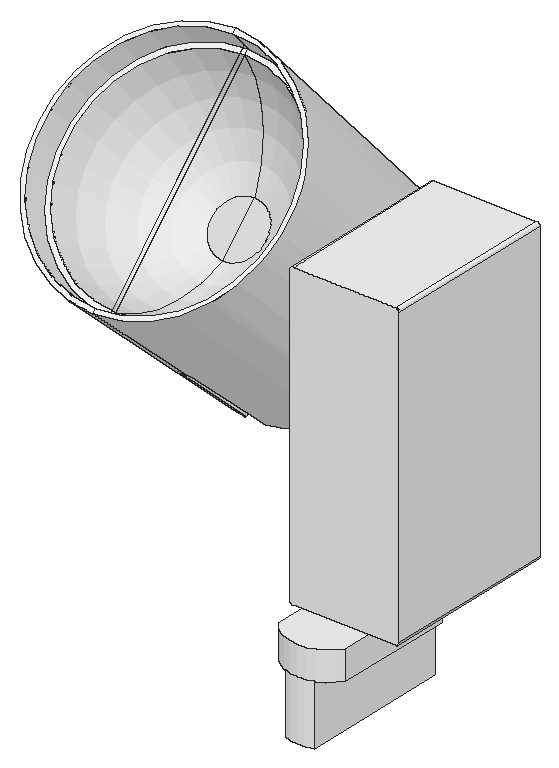
Revit family "0004938 Feilo Sylvania Lighting Fixture START TRACK SPOT L DALI 4824LM 940 WB WHT", category Lighting Fixtures, host Face, Revit 2017 (continued)
Definition of nested family "Start Track Spot Head"
  Types (96, lengths in mm): name | Wattage | built-in parameter 1150134 | Photometric Web File | Model | built-in parameter 1150105 | Lumens | built-in parameter 1150107 | built-in parameter 1150106 | HeadThickness_FEILO | HeadRibOffset_FEILO | HeadRibDepth_FEILO | HeadRibCutWidth_FEILO | HeadRibCutOffset_FEILO | HeadReflectorRadius_FEILO | HeadReflectorOffset_FEILO | HeadLEDRadius_FEILO | HeadHeight_FEILO | HeadDiffusorOffset_FEILO | HeadDiaOut_FEILO | HeadDiaIn_FEILO | HeadAxisFromTop_FEILO | Emit from Circle Diameter | built-in parameter 1150104 | Description | Apparent Load
    0004864 START TRACK SPOT S 24W 3K RA90 WB WHITE | 24 W | (empty or 0) | "0004864.ies" | "START TRACK SPOT S 24W 3K RA90 WB WHITE" | 152.79 (stored number, unit not read) | 1920 lm | 3000 (stored number, unit not read) | 1.5279 (stored number, unit not read) | 1.5 | 4.179 | 55.714 | 7.167 | 50.87 | 50.588 | 55.714 | 9.556 | 117 | 9.435 | 86 | 77.477 | 69.354 | 77.477 | 7.4322 (stored number, unit not read) | "Integrated LED spotlight, Textured White - RAL9016, compact and minimalist design, ideal for retail applications, die-cast aluminium body, passive cooling heatsink. Beam angle: 64°, color temperature: 3000K , total system power: 24W, total fixture output: 1928 lm, LOR: 100%, colour rendering: Ra: 90 typical, LED Chromaticity: 3 step MacAdam ellipse, lifetime: >50000 hours at L70B50, energy class: A++, A+, A, IR/UV free light source without heat radiation, operating voltage: 220-240V / 50-60Hz, drive current: 600mA, electronic driver, non-dimmable, power factor: 0.95, electrical protection: Class II, Global Track 3 Phase adapter suitable for Global trac 3-circuit tracks, ingress protection rating: IP20, suitable for internal environment only, horizontal rotation: 355°, vertical tilt: 90°, dimensions: Ø86x140x200, weight: 0.966kg." | 24 VA
    0004863 START TRACK SPOT S 24W 3K RA90 MB WHITE | 24 W | (empty or 0) | "0004863.ies" | "START TRACK SPOT S 24W 3K RA90 MB WHITE" | 154.7 (stored number, unit not read) | 1944 lm | 3000 (stored number, unit not read) | 1.547 (stored number, unit not read) | 1.5 | 4.179 | 55.714 | 7.167 | 50.87 | 50.588 | 55.714 | 9.556 | 117 | 9.435 | 86 | 77.477 | 69.354 | 77.477 | 7.5251 (stored number, unit not read) | "Integrated LED spotlight, Textured White - RAL9016, compact and minimalist design, ideal for retail applications, die-cast aluminium body, passive cooling heatsink. Beam angle: 36°, color temperature: 3000K , total system power: 24W, total fixture output: 1944 lm, LOR: 100%, colour rendering: Ra: 90 typical, LED Chromaticity: 3 step MacAdam ellipse, lifetime: >50000 hours at L70B50, energy class: A++, A+, A, IR/UV free light source without heat radiation, operating voltage: 220-240V / 50-60Hz, drive current: 600mA, electronic driver, non-dimmable, power factor: 0.95, electrical protection: Class II, Global Track 3 Phase adapter suitable for Global trac 3-circuit tracks, ingress protection rating: IP20, suitable for internal environment only, horizontal rotation: 355°, vertical tilt: 90°, dimensions: Ø86x140x200, weight: 0.966kg." | 24 VA
    0004862 START TRACK SPOT S 24W 3K RA90 NB WHITE | 24 W | (empty or 0) | "0004862.ies" | "START TRACK SPOT S 24W 3K RA90 NB WHITE" | 158.52 (stored number, unit not read) | 1992 lm | 3000 (stored number, unit not read) | 1.5852 (stored number, unit not read) | 1.5 | 4.179 | 55.714 | 7.167 | 50.87 | 50.588 | 55.714 | 9.556 | 117 | 9.435 | 86 | 77.477 | 69.354 | 77.477 | 7.711 (stored number, unit not read) | "Integrated LED spotlight, Textured White - RAL9016, compact and minimalist design, ideal for retail applications, die-cast aluminium body, passive cooling heatsink. Beam angle: 12°, color temperature: 3000K , total system power: 24W, total fixture output: 1987 lm, LOR: 100%, colour rendering: Ra: 90 typical, LED Chromaticity: 3 step MacAdam ellipse, lifetime: >50000 hours at L70B50, energy class: A++, A+, A, IR/UV free light source without heat radiation, operating voltage: 220-240V / 50-60Hz, drive current: 600mA, electronic driver, non-dimmable, power factor: 0.95, electrical protection: Class II, Global Track 3 Phase adapter suitable for Global trac 3-circuit tracks, ingress protection rating: IP20, suitable for internal environment only, horizontal rotation: 355°, vertical tilt: 90°, dimensions: Ø86x140x200, weight: 0.966kg." | 24 VA
    0004861 START TRACK SPOT S 14W 3K RA90 WB WHITE | 14 W | (empty or 0) | "0004861.ies" | "START TRACK SPOT S 14W 3K RA90 WB WHITE" | 100.27 (stored number, unit not read) | 1260 lm | 3000 (stored number, unit not read) | 1.0027 (stored number, unit not read) | 1.5 | 4.179 | 55.714 | 7.167 | 50.87 | 50.588 | 55.714 | 9.556 | 117 | 9.435 | 86 | 77.477 | 69.354 | 77.477 | 8.3613 (stored number, unit not read) | "Integrated LED spotlight, Textured White - RAL9016, compact and minimalist design, ideal for retail applications, die-cast aluminium body, passive cooling heatsink. Beam angle: 64°, color temperature: 3000K , total system power: 14W, total fixture output: 1262 lm, LOR: 100%, colour rendering: Ra: 90 typical, LED Chromaticity: 3 step MacAdam ellipse, lifetime: >50000 hours at L70B50, energy class: A++, A+, A, IR/UV free light source without heat radiation, operating voltage: 220-240V / 50-60Hz, drive current: 350mA, electronic driver, non-dimmable, power factor: 0.92, electrical protection: Class II, Global Track 3 Phase adapter suitable for Global trac 3-circuit tracks, ingress protection rating: IP20, suitable for internal environment only, horizontal rotation: 355°, vertical tilt: 90°, dimensions: Ø86x140x200, weight: 0.940kg." | 14 VA
    0004860 START TRACK SPOT S 14W 3K RA90 MB WHITE | 14 W | (empty or 0) | "0004860.ies" | "START TRACK SPOT S 14W 3K RA90 MB WHITE" | 100.27 (stored number, unit not read) | 1260 lm | 3000 (stored number, unit not read) | 1.0027 (stored number, unit not read) | 1.5 | 4.179 | 55.714 | 7.167 | 50.87 | 50.588 | 55.714 | 9.556 | 117 | 9.435 | 86 | 77.477 | 69.354 | 77.477 | 8.3613 (stored number, unit not read) | "Integrated LED spotlight, Textured White - RAL9016, compact and minimalist design, ideal for retail applications, die-cast aluminium body, passive cooling heatsink. Beam angle: 36°, color temperature: 3000K , total system power: 14W, total fixture output: 1262 lm, LOR: 100%, colour rendering: Ra: 90 typical, LED Chromaticity: 3 step MacAdam ellipse, lifetime: >50000 hours at L70B50, energy class: A++, A+, A, IR/UV free light source without heat radiation, operating voltage: 220-240V / 50-60Hz, drive current: 350mA, electronic driver, non-dimmable, power factor: 0.92, electrical protection: Class II, Global Track 3 Phase adapter suitable for Global trac 3-circuit tracks, ingress protection rating: IP20, suitable for internal environment only, horizontal rotation: 355°, vertical tilt: 90°, dimensions: Ø86x140x200, weight: 0.940kg." | 14 VA
    0004859 START TRACK SPOT S 14W 3K RA90 NB WHITE | 14 W | (empty or 0) | "0004859.ies" | "START TRACK SPOT S 14W 3K RA90 NB WHITE" | 102.5 (stored number, unit not read) | 1288 lm | 3000 (stored number, unit not read) | 1.025 (stored number, unit not read) | 1.5 | 4.179 | 55.714 | 7.167 | 50.87 | 50.588 | 55.714 | 9.556 | 117 | 9.435 | 86 | 77.477 | 69.354 | 77.477 | 8.5471 (stored number, unit not read) | "Integrated LED spotlight, Textured White - RAL9016, compact and minimalist design, ideal for retail applications, die-cast aluminium body, passive cooling heatsink. Beam angle: 12°, color temperature: 3000K , total system power: 14W, total fixture output: 1284 lm, LOR: 100%, colour rendering: Ra: 90 typical, LED Chromaticity: 3 step MacAdam ellipse, lifetime: >50000 hours at L70B50, energy class: A++, A+, A, IR/UV free light source without heat radiation, operating voltage: 220-240V / 50-60Hz, drive current: 350mA, electronic driver, non-dimmable, power factor: 0.92, electrical protection: Class II, Global Track 3 Phase adapter suitable for Global trac 3-circuit tracks, ingress protection rating: IP20, suitable for internal environment only, horizontal rotation: 355°, vertical tilt: 90°, dimensions: Ø86x140x200, weight: 0.940kg." | 14 VA
    0004858 START TRACK SPOT L 55W 4K RA80 WB BLACK | 55 W | 12 | "0004858.ies" | "START TRACK SPOT L 55W 4K RA80 WB BLACK" | 424.55 (stored number, unit not read) | 5335 lm | 4000 (stored number, unit not read) | 4.2455 (stored number, unit not read) | 2 | 4.429 | 59.048 | 9.417 | 53.913 | 66.471 | 59.048 | 12.556 | 124 | 10 | 113 | 101.802 | 73.503 | 101.802 | 9.0116 (stored number, unit not read) | "Integrated LED spotlight, Textured Black - RAL9005, compact and minimalist design, ideal for retail applications, die-cast aluminium body, passive cooling heatsink. Beam angle: 52°, color temperature: 4000K , total system power: 55W, total fixture output: 5320 lm, LOR: 100%, colour rendering: Ra: 80 typical, LED Chromaticity: 3 step MacAdam ellipse, lifetime: >50000 hours at L70B50, energy class: A++, A+, A, IR/UV free light source without heat radiation, operating voltage: 220-240V / 50-60Hz, drive current: 1400mA, electronic driver, non-dimmable, power factor: 0.96, electrical protection: Class II, Global Track 3 Phase adapter suitable for Global trac 3-circuit tracks, ingress protection rating: IP20, suitable for internal environment only, horizontal rotation: 355°, vertical tilt: 90°, dimensions: Ø113x164x240, weight: 1.398kg." | 55 VA
    0004857 START TRACK SPOT L 55W 4K RA80 MB BLACK | 55 W | 12 | "0004857.ies" | "START TRACK SPOT L 55W 4K RA80 MB BLACK" | 428.92 (stored number, unit not read) | 5390 lm | 4000 (stored number, unit not read) | 4.2892 (stored number, unit not read) | 2 | 4.429 | 59.048 | 9.417 | 53.913 | 66.471 | 59.048 | 12.556 | 124 | 10 | 113 | 101.802 | 73.503 | 101.802 | 9.1045 (stored number, unit not read) | "Integrated LED spotlight, Textured Black - RAL9005, compact and minimalist design, ideal for retail applications, die-cast aluminium body, passive cooling heatsink. Beam angle: 38°, color temperature: 4000K , total system power: 55W, total fixture output: 5378 lm, LOR: 100%, colour rendering: Ra: 80 typical, LED Chromaticity: 3 step MacAdam ellipse, lifetime: >50000 hours at L70B50, energy class: A++, A+, A, IR/UV free light source without heat radiation, operating voltage: 220-240V / 50-60Hz, drive current: 1400mA, electronic driver, non-dimmable, power factor: 0.96, electrical protection: Class II, Global Track 3 Phase adapter suitable for Global trac 3-circuit tracks, ingress protection rating: IP20, suitable for internal environment only, horizontal rotation: 355°, vertical tilt: 90°, dimensions: Ø113x164x240, weight: 1.398kg." | 55 VA
    0004856 START TRACK SPOT L 55W 4K RA80 NB BLACK | 55 W | 12 | "0004856.ies" | "START TRACK SPOT L 55W 4K RA80 NB BLACK" | 433.3 (stored number, unit not read) | 5445 lm | 4000 (stored number, unit not read) | 4.333 (stored number, unit not read) | 2 | 4.429 | 59.048 | 9.417 | 53.913 | 66.471 | 59.048 | 12.556 | 124 | 10 | 113 | 101.802 | 73.503 | 101.802 | 9.1974 (stored number, unit not read) | "Integrated LED spotlight, Textured Black - RAL9005, compact and minimalist design, ideal for retail applications, die-cast aluminium body, passive cooling heatsink. Beam angle: 15°, color temperature: 4000K , total system power: 55W, total fixture output: 5426 lm, LOR: 100%, colour rendering: Ra: 80 typical, LED Chromaticity: 3 step MacAdam ellipse, lifetime: >50000 hours at L70B50, energy class: A++, A+, A, IR/UV free light source without heat radiation, operating voltage: 220-240V / 50-60Hz, drive current: 1400mA, electronic driver, non-dimmable, power factor: 0.96, electrical protection: Class II, Global Track 3 Phase adapter suitable for Global trac 3-circuit tracks, ingress protection rating: IP20, suitable for internal environment only, horizontal rotation: 355°, vertical tilt: 90°, dimensions: Ø113x164x240, weight: 1.398kg." | 55 VA
    0004855 START TRACK SPOT L 35W 4K RA80 WB BLACK | 35 W | 12 | "0004855.ies" | "START TRACK SPOT L 35W 4K RA80 WB BLACK" | 320.3 (stored number, unit not read) | 4025 lm | 4000 (stored number, unit not read) | 3.203 (stored number, unit not read) | 2 | 4.429 | 59.048 | 9.417 | 53.913 | 66.471 | 59.048 | 12.556 | 124 | 10 | 113 | 101.802 | 73.503 | 101.802 | 10.684 (stored number, unit not read) | "Integrated LED spotlight, Textured Black - RAL9005, compact and minimalist design, ideal for retail applications, die-cast aluminium body, passive cooling heatsink. Beam angle: 52°, color temperature: 4000K , total system power: 35W, total fixture output: 4010 lm, LOR: 100%, colour rendering: Ra: 80 typical, LED Chromaticity: 3 step MacAdam ellipse, lifetime: >50000 hours at L70B50, energy class: A++, A+, A, IR/UV free light source without heat radiation, operating voltage: 220-240V / 50-60Hz, drive current: 900mA, electronic driver, non-dimmable, power factor: 0.93, electrical protection: Class II, Global Track 3 Phase adapter suitable for Global trac 3-circuit tracks, ingress protection rating: IP20, suitable for internal environment only, horizontal rotation: 355°, vertical tilt: 90°, dimensions: Ø113x164x240, weight: 1.368kg." | 35 VA
    0004854 START TRACK SPOT L 35W 4K RA80 MB BLACK | 35 W | 12 | "0004854.ies" | "START TRACK SPOT L 35W 4K RA80 MB BLACK" | 320.3 (stored number, unit not read) | 4025 lm | 4000 (stored number, unit not read) | 3.203 (stored number, unit not read) | 2 | 4.429 | 59.048 | 9.417 | 53.913 | 66.471 | 59.048 | 12.556 | 124 | 10 | 113 | 101.802 | 73.503 | 101.802 | 10.684 (stored number, unit not read) | "Integrated LED spotlight, Textured Black - RAL9005, compact and minimalist design, ideal for retail applications, die-cast aluminium body, passive cooling heatsink. Beam angle: 38°, color temperature: 4000K , total system power: 35W, total fixture output: 4017 lm, LOR: 100%, colour rendering: Ra: 80 typical, LED Chromaticity: 3 step MacAdam ellipse, lifetime: >50000 hours at L70B50, energy class: A++, A+, A, IR/UV free light source without heat radiation, operating voltage: 220-240V / 50-60Hz, drive current: 900mA, electronic driver, non-dimmable, power factor: 0.93, electrical protection: Class II, Global Track 3 Phase adapter suitable for Global trac 3-circuit tracks, ingress protection rating: IP20, suitable for internal environment only, horizontal rotation: 355°, vertical tilt: 90°, dimensions: Ø113x164x240, weight: 1.368kg." | 35 VA
    0004853 START TRACK SPOT L 35W 4K RA80 NB BLACK | 35 W | 12 | "0004853.ies" | "START TRACK SPOT L 35W 4K RA80 NB BLACK" | 331.44 (stored number, unit not read) | 4165 lm | 4000 (stored number, unit not read) | 3.3144 (stored number, unit not read) | 2 | 4.429 | 59.048 | 9.417 | 53.913 | 66.471 | 59.048 | 12.556 | 124 | 10 | 113 | 101.802 | 73.503 | 101.802 | 11.055 (stored number, unit not read) | "Integrated LED spotlight, Textured Black - RAL9005, compact and minimalist design, ideal for retail applications, die-cast aluminium body, passive cooling heatsink. Beam angle: 15°, color temperature: 4000K , total system power: 35W, total fixture output: 4174 lm, LOR: 100%, colour rendering: Ra: 80 typical, LED Chromaticity: 3 step MacAdam ellipse, lifetime: >50000 hours at L70B50, energy class: A++, A+, A, IR/UV free light source without heat radiation, operating voltage: 220-240V / 50-60Hz, drive current: 900mA, electronic driver, non-dimmable, power factor: 0.93, electrical protection: Class II, Global Track 3 Phase adapter suitable for Global trac 3-circuit tracks, ingress protection rating: IP20, suitable for internal environment only, horizontal rotation: 355°, vertical tilt: 90°, dimensions: Ø113x164x240, weight: 1.368kg." | 35 VA
    0004852 START TRACK SPOT S 24W 4K RA80 WB BLACK | 24 W | 12 | "0004852.ies" | "START TRACK SPOT S 24W 4K RA80 WB BLACK" | 196.72 (stored number, unit not read) | 2472 lm | 4000 (stored number, unit not read) | 1.9672 (stored number, unit not read) | 1.5 | 4.179 | 55.714 | 7.167 | 50.87 | 50.588 | 55.714 | 9.556 | 117 | 9.435 | 86 | 77.477 | 69.354 | 77.477 | 9.569 (stored number, unit not read) | "Integrated LED spotlight, Textured Black - RAL9005, compact and minimalist design, ideal for retail applications, die-cast aluminium body, passive cooling heatsink. Beam angle: 64°, color temperature: 4000K , total system power: 24W, total fixture output: 2476 lm, LOR: 100%, colour rendering: Ra: 80 typical, LED Chromaticity: 3 step MacAdam ellipse, lifetime: >50000 hours at L70B50, energy class: A++, A+, A, IR/UV free light source without heat radiation, operating voltage: 220-240V / 50-60Hz, drive current: 600mA, electronic driver, non-dimmable, power factor: 0.95, electrical protection: Class II, Global Track 3 Phase adapter suitable for Global trac 3-circuit tracks, ingress protection rating: IP20, suitable for internal environment only, horizontal rotation: 355°, vertical tilt: 90°, dimensions: Ø86x140x200, weight: 0.966kg." | 24 VA
    0004851 START TRACK SPOT S 24W 4K RA80 MB BLACK | 24 W | 12 | "0004851.ies" | "START TRACK SPOT S 24W 4K RA80 MB BLACK" | 198.63 (stored number, unit not read) | 2496 lm | 4000 (stored number, unit not read) | 1.9863 (stored number, unit not read) | 1.5 | 4.179 | 55.714 | 7.167 | 50.87 | 50.588 | 55.714 | 9.556 | 117 | 9.435 | 86 | 77.477 | 69.354 | 77.477 | 9.6619 (stored number, unit not read) | "Integrated LED spotlight, Textured Black - RAL9005, compact and minimalist design, ideal for retail applications, die-cast aluminium body, passive cooling heatsink. Beam angle: 36°, color temperature: 4000K , total system power: 24W, total fixture output: 2487 lm, LOR: 100%, colour rendering: Ra: 80 typical, LED Chromaticity: 3 step MacAdam ellipse, lifetime: >50000 hours at L70B50, energy class: A++, A+, A, IR/UV free light source without heat radiation, operating voltage: 220-240V / 50-60Hz, drive current: 600mA, electronic driver, non-dimmable, power factor: 0.95, electrical protection: Class II, Global Track 3 Phase adapter suitable for Global trac 3-circuit tracks, ingress protection rating: IP20, suitable for internal environment only, horizontal rotation: 355°, vertical tilt: 90°, dimensions: Ø86x140x200, weight: 0.966kg." | 24 VA
    0004850 START TRACK SPOT S 24W 4K RA80 NB BLACK | 24 W | 12 | "0004850.ies" | "START TRACK SPOT S 24W 4K RA80 NB BLACK" | 200.54 (stored number, unit not read) | 2520 lm | 4000 (stored number, unit not read) | 2.0054 (stored number, unit not read) | 1.5 | 4.179 | 55.714 | 7.167 | 50.87 | 50.588 | 55.714 | 9.556 | 117 | 9.435 | 86 | 77.477 | 69.354 | 77.477 | 9.7548 (stored number, unit not read) | "Integrated LED spotlight, Textured Black - RAL9005, compact and minimalist design, ideal for retail applications, die-cast aluminium body, passive cooling heatsink. Beam angle: 12°, color temperature: 4000K , total system power: 24W, total fixture output: 2529 lm, LOR: 100%, colour rendering: Ra: 80 typical, LED Chromaticity: 3 step MacAdam ellipse, lifetime: >50000 hours at L70B50, energy class: A++, A+, A, IR/UV free light source without heat radiation, operating voltage: 220-240V / 50-60Hz, drive current: 600mA, electronic driver, non-dimmable, power factor: 0.95, electrical protection: Class II, Global Track 3 Phase adapter suitable for Global trac 3-circuit tracks, ingress protection rating: IP20, suitable for internal environment only, horizontal rotation: 355°, vertical tilt: 90°, dimensions: Ø86x140x200, weight: 0.966kg." | 24 VA
    0004849 START TRACK SPOT S 14W 4K RA80 WB BLACK | 14 W | 12 | "0004849.ies" | "START TRACK SPOT S 14W 4K RA80 WB BLACK" | 123.66 (stored number, unit not read) | 1554 lm | 4000 (stored number, unit not read) | 1.2366 (stored number, unit not read) | 1.5 | 4.179 | 55.714 | 7.167 | 50.87 | 50.588 | 55.714 | 9.556 | 117 | 9.435 | 86 | 77.477 | 69.354 | 77.477 | 10.312 (stored number, unit not read) | "Integrated LED spotlight, Textured Black - RAL9005, compact and minimalist design, ideal for retail applications, die-cast aluminium body, passive cooling heatsink. Beam angle: 64°, color temperature: 4000K , total system power: 14W, total fixture output: 1558 lm, LOR: 100%, colour rendering: Ra: 80 typical, LED Chromaticity: 3 step MacAdam ellipse, lifetime: >50000 hours at L70B50, energy class: A++, A+, A, IR/UV free light source without heat radiation, operating voltage: 220-240V / 50-60Hz, drive current: 350mA, electronic driver, non-dimmable, power factor: 0.92, electrical protection: Class II, Global Track 3 Phase adapter suitable for Global trac 3-circuit tracks, ingress protection rating: IP20, suitable for internal environment only, horizontal rotation: 355°, vertical tilt: 90°, dimensions: Ø86x140x200, weight: 0.940kg." | 14 VA
    0004848 START TRACK SPOT S 14W 4K RA80 MB BLACK | 14 W | 12 | "0004848.ies" | "START TRACK SPOT S 14W 4K RA80 MB BLACK" | 127.01 (stored number, unit not read) | 1596 lm | 4000 (stored number, unit not read) | 1.2701 (stored number, unit not read) | 1.5 | 4.179 | 55.714 | 7.167 | 50.87 | 50.588 | 55.714 | 9.556 | 117 | 9.435 | 86 | 77.477 | 69.354 | 77.477 | 10.591 (stored number, unit not read) | "Integrated LED spotlight, Textured Black - RAL9005, compact and minimalist design, ideal for retail applications, die-cast aluminium body, passive cooling heatsink. Beam angle: 36°, color temperature: 4000K , total system power: 14W, total fixture output: 1598 lm, LOR: 100%, colour rendering: Ra: 80 typical, LED Chromaticity: 3 step MacAdam ellipse, lifetime: >50000 hours at L70B50, energy class: A++, A+, A, IR/UV free light source without heat radiation, operating voltage: 220-240V / 50-60Hz, drive current: 350mA, electronic driver, non-dimmable, power factor: 0.92, electrical protection: Class II, Global Track 3 Phase adapter suitable for Global trac 3-circuit tracks, ingress protection rating: IP20, suitable for internal environment only, horizontal rotation: 355°, vertical tilt: 90°, dimensions: Ø86x140x200, weight: 0.940kg." | 14 VA
    0004847 START TRACK SPOT S 14W 4K RA80 NB BLACK | 14 W | 12 | "0004847.ies" | "START TRACK SPOT S 14W 4K RA80 NB BLACK" | 128.12 (stored number, unit not read) | 1610 lm | 4000 (stored number, unit not read) | 1.2812 (stored number, unit not read) | 1.5 | 4.179 | 55.714 | 7.167 | 50.87 | 50.588 | 55.714 | 9.556 | 117 | 9.435 | 86 | 77.477 | 69.354 | 77.477 | 10.684 (stored number, unit not read) | "Integrated LED spotlight, Textured Black - RAL9005, compact and minimalist design, ideal for retail applications, die-cast aluminium body, passive cooling heatsink. Beam angle: 12°, color temperature: 4000K , total system power: 14W, total fixture output: 1608 lm, LOR: 100%, colour rendering: Ra: 80 typical, LED Chromaticity: 3 step MacAdam ellipse, lifetime: >50000 hours at L70B50, energy class: A++, A+, A, IR/UV free light source without heat radiation, operating voltage: 220-240V / 50-60Hz, drive current: 350mA, electronic driver, non-dimmable, power factor: 0.92, electrical protection: Class II, Global Track 3 Phase adapter suitable for Global trac 3-circuit tracks, ingress protection rating: IP20, suitable for internal environment only, horizontal rotation: 355°, vertical tilt: 90°, dimensions: Ø86x140x200, weight: 0.940kg." | 14 VA
    0004846 START TRACK SPOT L 55W 3K RA80 WB BLACK | 55 W | (empty or 0) | "0004846.ies" | "START TRACK SPOT L 55W 3K RA80 WB BLACK" | 420.17 (stored number, unit not read) | 5280 lm | 3000 (stored number, unit not read) | 4.2017 (stored number, unit not read) | 2 | 4.429 | 59.048 | 9.417 | 53.913 | 66.471 | 59.048 | 12.556 | 124 | 10 | 113 | 101.802 | 73.503 | 101.802 | 8.9187 (stored number, unit not read) | "Integrated LED spotlight, Textured Black - RAL9005, compact and minimalist design, ideal for retail applications, die-cast aluminium body, passive cooling heatsink. Beam angle: 52°, color temperature: 3000K , total system power: 55W, total fixture output: 5298 lm, LOR: 100%, colour rendering: Ra: 80 typical, LED Chromaticity: 3 step MacAdam ellipse, lifetime: >50000 hours at L70B50, energy class: A++, A+, A, IR/UV free light source without heat radiation, operating voltage: 220-240V / 50-60Hz, drive current: 1400mA, electronic driver, non-dimmable, power factor: 0.96, electrical protection: Class II, Global Track 3 Phase adapter suitable for Global trac 3-circuit tracks, ingress protection rating: IP20, suitable for internal environment only, horizontal rotation: 355°, vertical tilt: 90°, dimensions: Ø113x164x240, weight: 1.398kg." | 55 VA
    0004845 START TRACK SPOT L 55W 3K RA80 MB BLACK | 55 W | (empty or 0) | "0004845.ies" | "START TRACK SPOT L 55W 3K RA80 MB BLACK" | 428.92 (stored number, unit not read) | 5390 lm | 3000 (stored number, unit not read) | 4.2892 (stored number, unit not read) | 2 | 4.429 | 59.048 | 9.417 | 53.913 | 66.471 | 59.048 | 12.556 | 124 | 10 | 113 | 101.802 | 73.503 | 101.802 | 9.1045 (stored number, unit not read) | "Integrated LED spotlight, Textured Black - RAL9005, compact and minimalist design, ideal for retail applications, die-cast aluminium body, passive cooling heatsink. Beam angle: 38°, color temperature: 3000K , total system power: 55W, total fixture output: 5381 lm, LOR: 100%, colour rendering: Ra: 80 typical, LED Chromaticity: 3 step MacAdam ellipse, lifetime: >50000 hours at L70B50, energy class: A++, A+, A, IR/UV free light source without heat radiation, operating voltage: 220-240V / 50-60Hz, drive current: 1400mA, electronic driver, non-dimmable, power factor: 0.96, electrical protection: Class II, Global Track 3 Phase adapter suitable for Global trac 3-circuit tracks, ingress protection rating: IP20, suitable for internal environment only, horizontal rotation: 355°, vertical tilt: 90°, dimensions: Ø113x164x240, weight: 1.398kg." | 55 VA
    0004844 START TRACK SPOT L 55W 3K RA80 NB BLACK | 55 W | (empty or 0) | "0004844.ies" | "START TRACK SPOT L 55W 3K RA80 NB BLACK" | 433.3 (stored number, unit not read) | 5445 lm | 3000 (stored number, unit not read) | 4.333 (stored number, unit not read) | 2 | 4.429 | 59.048 | 9.417 | 53.913 | 66.471 | 59.048 | 12.556 | 124 | 10 | 113 | 101.802 | 73.503 | 101.802 | 9.1974 (stored number, unit not read) | "Integrated LED spotlight, Textured Black - RAL9005, compact and minimalist design, ideal for retail applications, die-cast aluminium body, passive cooling heatsink. Beam angle: 15°, color temperature: 3000K , total system power: 55W, total fixture output: 5449 lm, LOR: 100%, colour rendering: Ra: 80 typical, LED Chromaticity: 3 step MacAdam ellipse, lifetime: >50000 hours at L70B50, energy class: A++, A+, A, IR/UV free light source without heat radiation, operating voltage: 220-240V / 50-60Hz, drive current: 1400mA, electronic driver, non-dimmable, power factor: 0.96, electrical protection: Class II, Global Track 3 Phase adapter suitable for Global trac 3-circuit tracks, ingress protection rating: IP20, suitable for internal environment only, horizontal rotation: 355°, vertical tilt: 90°, dimensions: Ø113x164x240, weight: 1.398kg." | 55 VA
    0004843 START TRACK SPOT L 35W 3K RA80 WB BLACK | 35 W | (empty or 0) | "0004843.ies" | "START TRACK SPOT L 35W 3K RA80 WB BLACK" | 314.73 (stored number, unit not read) | 3955 lm | 3000 (stored number, unit not read) | 3.1473 (stored number, unit not read) | 2 | 4.429 | 59.048 | 9.417 | 53.913 | 66.471 | 59.048 | 12.556 | 124 | 10 | 113 | 101.802 | 73.503 | 101.802 | 10.498 (stored number, unit not read) | "Integrated LED spotlight, Textured Black - RAL9005, compact and minimalist design, ideal for retail applications, die-cast aluminium body, passive cooling heatsink. Beam angle: 52°, color temperature: 3000K , total system power: 35W, total fixture output: 3943 lm, LOR: 100%, colour rendering: Ra: 80 typical, LED Chromaticity: 3 step MacAdam ellipse, lifetime: >50000 hours at L70B50, energy class: A++, A+, A, IR/UV free light source without heat radiation, operating voltage: 220-240V / 50-60Hz, drive current: 900mA, electronic driver, non-dimmable, power factor: 0.93, electrical protection: Class II, Global Track 3 Phase adapter suitable for Global trac 3-circuit tracks, ingress protection rating: IP20, suitable for internal environment only, horizontal rotation: 355°, vertical tilt: 90°, dimensions: Ø113x164x240, weight: 1.368kg." | 35 VA
    0004842 START TRACK SPOT L 35W 3K RA80 MB BLACK | 35 W | (empty or 0) | "0004842.ies" | "START TRACK SPOT L 35W 3K RA80 MB BLACK" | 320.3 (stored number, unit not read) | 4025 lm | 3000 (stored number, unit not read) | 3.203 (stored number, unit not read) | 2 | 4.429 | 59.048 | 9.417 | 53.913 | 66.471 | 59.048 | 12.556 | 124 | 10 | 113 | 101.802 | 73.503 | 101.802 | 10.684 (stored number, unit not read) | "Integrated LED spotlight, Textured Black - RAL9005, compact and minimalist design, ideal for retail applications, die-cast aluminium body, passive cooling heatsink. Beam angle: 38°, color temperature: 3000K , total system power: 35W, total fixture output: 4008 lm, LOR: 100%, colour rendering: Ra: 80 typical, LED Chromaticity: 3 step MacAdam ellipse, lifetime: >50000 hours at L70B50, energy class: A++, A+, A, IR/UV free light source without heat radiation, operating voltage: 220-240V / 50-60Hz, drive current: 900mA, electronic driver, non-dimmable, power factor: 0.93, electrical protection: Class II, Global Track 3 Phase adapter suitable for Global trac 3-circuit tracks, ingress protection rating: IP20, suitable for internal environment only, horizontal rotation: 355°, vertical tilt: 90°, dimensions: Ø113x164x240, weight: 1.368kg." | 35 VA
    0004841 START TRACK SPOT L 35W 3K RA80 NB BLACK | 35 W | (empty or 0) | "0004841.ies" | "START TRACK SPOT L 35W 3K RA80 NB BLACK" | 317.51 (stored number, unit not read) | 3990 lm | 3000 (stored number, unit not read) | 3.1751 (stored number, unit not read) | 2 | 4.429 | 59.048 | 9.417 | 53.913 | 66.471 | 59.048 | 12.556 | 124 | 10 | 113 | 101.802 | 73.503 | 101.802 | 10.591 (stored number, unit not read) | "Integrated LED spotlight, Textured Black - RAL9005, compact and minimalist design, ideal for retail applications, die-cast aluminium body, passive cooling heatsink. Beam angle: 15°, color temperature: 3000K , total system power: 35W, total fixture output: 4005 lm, LOR: 100%, colour rendering: Ra: 80 typical, LED Chromaticity: 3 step MacAdam ellipse, lifetime: >50000 hours at L70B50, energy class: A++, A+, A, IR/UV free light source without heat radiation, operating voltage: 220-240V / 50-60Hz, drive current: 900mA, electronic driver, non-dimmable, power factor: 0.93, electrical protection: Class II, Global Track 3 Phase adapter suitable for Global trac 3-circuit tracks, ingress protection rating: IP20, suitable for internal environment only, horizontal rotation: 355°, vertical tilt: 90°, dimensions: Ø113x164x240, weight: 1.368kg." | 35 VA
    0004840 START TRACK SPOT S 24W 3K RA80 WB BLACK | 24 W | (empty or 0) | "0004840.ies" | "START TRACK SPOT S 24W 3K RA80 WB BLACK" | 185.26 (stored number, unit not read) | 2328 lm | 3000 (stored number, unit not read) | 1.8526 (stored number, unit not read) | 1.5 | 4.179 | 55.714 | 7.167 | 50.87 | 50.588 | 55.714 | 9.556 | 117 | 9.435 | 86 | 77.477 | 69.354 | 77.477 | 9.0116 (stored number, unit not read) | "Integrated LED spotlight, Textured Black - RAL9005, compact and minimalist design, ideal for retail applications, die-cast aluminium body, passive cooling heatsink. Beam angle: 64°, color temperature: 3000K , total system power: 24W, total fixture output: 2318 lm, LOR: 100%, colour rendering: Ra: 80 typical, LED Chromaticity: 3 step MacAdam ellipse, lifetime: >50000 hours at L70B50, energy class: A++, A+, A, IR/UV free light source without heat radiation, operating voltage: 220-240V / 50-60Hz, drive current: 600mA, electronic driver, non-dimmable, power factor: 0.95, electrical protection: Class II, Global Track 3 Phase adapter suitable for Global trac 3-circuit tracks, ingress protection rating: IP20, suitable for internal environment only, horizontal rotation: 355°, vertical tilt: 90°, dimensions: Ø86x140x200, weight: 0.966kg." | 24 VA
    0004839 START TRACK SPOT S 24W 3K RA80 MB BLACK | 24 W | (empty or 0) | "0004839.ies" | "START TRACK SPOT S 24W 3K RA80 MB BLACK" | 183.35 (stored number, unit not read) | 2304 lm | 3000 (stored number, unit not read) | 1.8335 (stored number, unit not read) | 1.5 | 4.179 | 55.714 | 7.167 | 50.87 | 50.588 | 55.714 | 9.556 | 117 | 9.435 | 86 | 77.477 | 69.354 | 77.477 | 8.9187 (stored number, unit not read) | "Integrated LED spotlight, Textured Black - RAL9005, compact and minimalist design, ideal for retail applications, die-cast aluminium body, passive cooling heatsink. Beam angle: 36°, color temperature: 3000K , total system power: 24W, total fixture output: 2314 lm, LOR: 100%, colour rendering: Ra: 80 typical, LED Chromaticity: 3 step MacAdam ellipse, lifetime: >50000 hours at L70B50, energy class: A++, A+, A, IR/UV free light source without heat radiation, operating voltage: 220-240V / 50-60Hz, drive current: 600mA, electronic driver, non-dimmable, power factor: 0.95, electrical protection: Class II, Global Track 3 Phase adapter suitable for Global trac 3-circuit tracks, ingress protection rating: IP20, suitable for internal environment only, horizontal rotation: 355°, vertical tilt: 90°, dimensions: Ø86x140x200, weight: 0.966kg." | 24 VA
    0004838 START TRACK SPOT S 24W 3K RA80 NB BLACK | 24 W | (empty or 0) | "0004838.ies" | "START TRACK SPOT S 24W 3K RA80 NB BLACK" | 185.26 (stored number, unit not read) | 2328 lm | 3000 (stored number, unit not read) | 1.8526 (stored number, unit not read) | 1.5 | 4.179 | 55.714 | 7.167 | 50.87 | 50.588 | 55.714 | 9.556 | 117 | 9.435 | 86 | 77.477 | 69.354 | 77.477 | 9.0116 (stored number, unit not read) | "Integrated LED spotlight, Textured Black - RAL9005, compact and minimalist design, ideal for retail applications, die-cast aluminium body, passive cooling heatsink. Beam angle: 12°, color temperature: 3000K , total system power: 24W, total fixture output: 2334 lm, LOR: 100%, colour rendering: Ra: 80 typical, LED Chromaticity: 3 step MacAdam ellipse, lifetime: >50000 hours at L70B50, energy class: A++, A+, A, IR/UV free light source without heat radiation, operating voltage: 220-240V / 50-60Hz, drive current: 600mA, electronic driver, non-dimmable, power factor: 0.95, electrical protection: Class II, Global Track 3 Phase adapter suitable for Global trac 3-circuit tracks, ingress protection rating: IP20, suitable for internal environment only, horizontal rotation: 355°, vertical tilt: 90°, dimensions: Ø86x140x200, weight: 0.966kg." | 24 VA
    0004837 START TRACK SPOT S 14W 3K RA80 WB BLACK | 14 W | (empty or 0) | "0004837.ies" | "START TRACK SPOT S 14W 3K RA80 WB BLACK" | 119.21 (stored number, unit not read) | 1498 lm | 3000 (stored number, unit not read) | 1.1921 (stored number, unit not read) | 1.5 | 4.179 | 55.714 | 7.167 | 50.87 | 50.588 | 55.714 | 9.556 | 117 | 9.435 | 86 | 77.477 | 69.354 | 77.477 | 9.9406 (stored number, unit not read) | "Integrated LED spotlight, Textured Black - RAL9005, compact and minimalist design, ideal for retail applications, die-cast aluminium body, passive cooling heatsink. Beam angle: 64°, color temperature: 3000K , total system power: 14W, total fixture output: 1498 lm, LOR: 100%, colour rendering: Ra: 80 typical, LED Chromaticity: 3 step MacAdam ellipse, lifetime: >50000 hours at L70B50, energy class: A++, A+, A, IR/UV free light source without heat radiation, operating voltage: 220-240V / 50-60Hz, drive current: 350mA, electronic driver, non-dimmable, power factor: 0.92, electrical protection: Class II, Global Track 3 Phase adapter suitable for Global trac 3-circuit tracks, ingress protection rating: IP20, suitable for internal environment only, horizontal rotation: 355°, vertical tilt: 90°, dimensions: Ø86x140x200, weight: 0.940kg." | 14 VA
    0004836 START TRACK SPOT S 14W 3K RA80 MB BLACK | 14 W | (empty or 0) | "0004836.ies" | "START TRACK SPOT S 14W 3K RA80 MB BLACK" | 120.32 (stored number, unit not read) | 1512 lm | 3000 (stored number, unit not read) | 1.2032 (stored number, unit not read) | 1.5 | 4.179 | 55.714 | 7.167 | 50.87 | 50.588 | 55.714 | 9.556 | 117 | 9.435 | 86 | 77.477 | 69.354 | 77.477 | 10.034 (stored number, unit not read) | "Integrated LED spotlight, Textured Black - RAL9005, compact and minimalist design, ideal for retail applications, die-cast aluminium body, passive cooling heatsink. Beam angle: 36°, color temperature: 3000K , total system power: 14W, total fixture output: 1508 lm, LOR: 100%, colour rendering: Ra: 80 typical, LED Chromaticity: 3 step MacAdam ellipse, lifetime: >50000 hours at L70B50, energy class: A++, A+, A, IR/UV free light source without heat radiation, operating voltage: 220-240V / 50-60Hz, drive current: 350mA, electronic driver, non-dimmable, power factor: 0.92, electrical protection: Class II, Global Track 3 Phase adapter suitable for Global trac 3-circuit tracks, ingress protection rating: IP20, suitable for internal environment only, horizontal rotation: 355°, vertical tilt: 90°, dimensions: Ø86x140x200, weight: 0.940kg." | 14 VA
    0004835 START TRACK SPOT S 14W 3K RA80 NB BLACK | 14 W | (empty or 0) | "0004835.ies" | "START TRACK SPOT S 14W 3K RA80 NB BLACK" | 123.66 (stored number, unit not read) | 1554 lm | 3000 (stored number, unit not read) | 1.2366 (stored number, unit not read) | 1.5 | 4.179 | 55.714 | 7.167 | 50.87 | 50.588 | 55.714 | 9.556 | 117 | 9.435 | 86 | 77.477 | 69.354 | 77.477 | 10.312 (stored number, unit not read) | "Integrated LED spotlight, Textured Black - RAL9005, compact and minimalist design, ideal for retail applications, die-cast aluminium body, passive cooling heatsink. Beam angle: 12°, color temperature: 3000K , total system power: 14W, total fixture output: 1551 lm, LOR: 100%, colour rendering: Ra: 80 typical, LED Chromaticity: 3 step MacAdam ellipse, lifetime: >50000 hours at L70B50, energy class: A++, A+, A, IR/UV free light source without heat radiation, operating voltage: 220-240V / 50-60Hz, drive current: 350mA, electronic driver, non-dimmable, power factor: 0.92, electrical protection: Class II, Global Track 3 Phase adapter suitable for Global trac 3-circuit tracks, ingress protection rating: IP20, suitable for internal environment only, horizontal rotation: 355°, vertical tilt: 90°, dimensions: Ø86x140x200, weight: 0.940kg." | 14 VA
    0004834 START TRACK SPOT L 55W 4K RA80 WB WHITE | 55 W | 12 | "0004834.ies" | "START TRACK SPOT L 55W 4K RA80 WB WHITE" | 424.55 (stored number, unit not read) | 5335 lm | 4000 (stored number, unit not read) | 4.2455 (stored number, unit not read) | 2 | 4.429 | 59.048 | 9.417 | 53.913 | 66.471 | 59.048 | 12.556 | 124 | 10 | 113 | 101.802 | 73.503 | 101.802 | 9.0116 (stored number, unit not read) | "Integrated LED spotlight, Textured White - RAL9016, compact and minimalist design, ideal for retail applications, die-cast aluminium body, passive cooling heatsink. Beam angle: 52°, color temperature: 4000K , total system power: 55W, total fixture output: 5320 lm, LOR: 100%, colour rendering: Ra: 80 typical, LED Chromaticity: 3 step MacAdam ellipse, lifetime: >50000 hours at L70B50, energy class: A++, A+, A, IR/UV free light source without heat radiation, operating voltage: 220-240V / 50-60Hz, drive current: 1400mA, electronic driver, non-dimmable, power factor: 0.96, electrical protection: Class II, Global Track 3 Phase adapter suitable for Global trac 3-circuit tracks, ingress protection rating: IP20, suitable for internal environment only, horizontal rotation: 355°, vertical tilt: 90°, dimensions: Ø113x164x240, weight: 1.398kg." | 55 VA
    0004833 START TRACK SPOT L 55W 4K RA80 MB WHITE | 55 W | 12 | "0004833.ies" | "START TRACK SPOT L 55W 4K RA80 MB WHITE" | 428.92 (stored number, unit not read) | 5390 lm | 4000 (stored number, unit not read) | 4.2892 (stored number, unit not read) | 2 | 4.429 | 59.048 | 9.417 | 53.913 | 66.471 | 59.048 | 12.556 | 124 | 10 | 113 | 101.802 | 73.503 | 101.802 | 9.1045 (stored number, unit not read) | "Integrated LED spotlight, Textured White - RAL9016, compact and minimalist design, ideal for retail applications, die-cast aluminium body, passive cooling heatsink. Beam angle: 38°, color temperature: 4000K , total system power: 55W, total fixture output: 5378 lm, LOR: 100%, colour rendering: Ra: 80 typical, LED Chromaticity: 3 step MacAdam ellipse, lifetime: >50000 hours at L70B50, energy class: A++, A+, A, IR/UV free light source without heat radiation, operating voltage: 220-240V / 50-60Hz, drive current: 1400mA, electronic driver, non-dimmable, power factor: 0.96, electrical protection: Class II, Global Track 3 Phase adapter suitable for Global trac 3-circuit tracks, ingress protection rating: IP20, suitable for internal environment only, horizontal rotation: 355°, vertical tilt: 90°, dimensions: Ø113x164x240, weight: 1.398kg." | 55 VA
    0004832 START TRACK SPOT L 55W 4K RA80 NB WHITE | 55 W | 12 | "0004832.ies" | "START TRACK SPOT L 55W 4K RA80 NB WHITE" | 433.3 (stored number, unit not read) | 5445 lm | 4000 (stored number, unit not read) | 4.333 (stored number, unit not read) | 2 | 4.429 | 59.048 | 9.417 | 53.913 | 66.471 | 59.048 | 12.556 | 124 | 10 | 113 | 101.802 | 73.503 | 101.802 | 9.1974 (stored number, unit not read) | "Integrated LED spotlight, Textured White - RAL9016, compact and minimalist design, ideal for retail applications, die-cast aluminium body, passive cooling heatsink. Beam angle: 15°, color temperature: 4000K , total system power: 55W, total fixture output: 5426 lm, LOR: 100%, colour rendering: Ra: 80 typical, LED Chromaticity: 3 step MacAdam ellipse, lifetime: >50000 hours at L70B50, energy class: A++, A+, A, IR/UV free light source without heat radiation, operating voltage: 220-240V / 50-60Hz, drive current: 1400mA, electronic driver, non-dimmable, power factor: 0.96, electrical protection: Class II, Global Track 3 Phase adapter suitable for Global trac 3-circuit tracks, ingress protection rating: IP20, suitable for internal environment only, horizontal rotation: 355°, vertical tilt: 90°, dimensions: Ø113x164x240, weight: 1.398kg." | 55 VA
    0004831 START TRACK SPOT L 35W 4K RA80 WB WHITE | 35 W | 12 | "0004831.ies" | "START TRACK SPOT L 35W 4K RA80 WB WHITE" | 320.3 (stored number, unit not read) | 4025 lm | 4000 (stored number, unit not read) | 3.203 (stored number, unit not read) | 2 | 4.429 | 59.048 | 9.417 | 53.913 | 66.471 | 59.048 | 12.556 | 124 | 10 | 113 | 101.802 | 73.503 | 101.802 | 10.684 (stored number, unit not read) | "Integrated LED spotlight, Textured White - RAL9016, compact and minimalist design, ideal for retail applications, die-cast aluminium body, passive cooling heatsink. Beam angle: 52°, color temperature: 4000K , total system power: 35W, total fixture output: 4010 lm, LOR: 100%, colour rendering: Ra: 80 typical, LED Chromaticity: 3 step MacAdam ellipse, lifetime: >50000 hours at L70B50, energy class: A++, A+, A, IR/UV free light source without heat radiation, operating voltage: 220-240V / 50-60Hz, drive current: 900mA, electronic driver, non-dimmable, power factor: 0.93, electrical protection: Class II, Global Track 3 Phase adapter suitable for Global trac 3-circuit tracks, ingress protection rating: IP20, suitable for internal environment only, horizontal rotation: 355°, vertical tilt: 90°, dimensions: Ø113x164x240, weight: 1.368kg." | 35 VA
    0004830 START TRACK SPOT L 35W 4K RA80 MB WHITE | 35 W | 12 | "0004830.ies" | "START TRACK SPOT L 35W 4K RA80 MB WHITE" | 320.3 (stored number, unit not read) | 4025 lm | 4000 (stored number, unit not read) | 3.203 (stored number, unit not read) | 2 | 4.429 | 59.048 | 9.417 | 53.913 | 66.471 | 59.048 | 12.556 | 124 | 10 | 113 | 101.802 | 73.503 | 101.802 | 10.684 (stored number, unit not read) | "Integrated LED spotlight, Textured White - RAL9016, compact and minimalist design, ideal for retail applications, die-cast aluminium body, passive cooling heatsink. Beam angle: 38°, color temperature: 4000K , total system power: 35W, total fixture output: 4017 lm, LOR: 100%, colour rendering: Ra: 80 typical, LED Chromaticity: 3 step MacAdam ellipse, lifetime: >50000 hours at L70B50, energy class: A++, A+, A, IR/UV free light source without heat radiation, operating voltage: 220-240V / 50-60Hz, drive current: 900mA, electronic driver, non-dimmable, power factor: 0.93, electrical protection: Class II, Global Track 3 Phase adapter suitable for Global trac 3-circuit tracks, ingress protection rating: IP20, suitable for internal environment only, horizontal rotation: 355°, vertical tilt: 90°, dimensions: Ø113x164x240, weight: 1.368kg." | 35 VA
    0004829 START TRACK SPOT L 35W 4K RA80 NB WHITE | 35 W | 12 | "0004829.ies" | "START TRACK SPOT L 35W 4K RA80 NB WHITE" | 331.44 (stored number, unit not read) | 4165 lm | 4000 (stored number, unit not read) | 3.3144 (stored number, unit not read) | 2 | 4.429 | 59.048 | 9.417 | 53.913 | 66.471 | 59.048 | 12.556 | 124 | 10 | 113 | 101.802 | 73.503 | 101.802 | 11.055 (stored number, unit not read) | "Integrated LED spotlight, Textured White - RAL9016, compact and minimalist design, ideal for retail applications, die-cast aluminium body, passive cooling heatsink. Beam angle: 15°, color temperature: 4000K , total system power: 35W, total fixture output: 4174 lm, LOR: 100%, colour rendering: Ra: 80 typical, LED Chromaticity: 3 step MacAdam ellipse, lifetime: >50000 hours at L70B50, energy class: A++, A+, A, IR/UV free light source without heat radiation, operating voltage: 220-240V / 50-60Hz, drive current: 900mA, electronic driver, non-dimmable, power factor: 0.93, electrical protection: Class II, Global Track 3 Phase adapter suitable for Global trac 3-circuit tracks, ingress protection rating: IP20, suitable for internal environment only, horizontal rotation: 355°, vertical tilt: 90°, dimensions: Ø113x164x240, weight: 1.368kg." | 35 VA
    0004828 START TRACK SPOT S 24W 4K RA80 WB WHITE | 24 W | 12 | "0004828.ies" | "START TRACK SPOT S 24W 4K RA80 WB WHITE" | 196.72 (stored number, unit not read) | 2472 lm | 4000 (stored number, unit not read) | 1.9672 (stored number, unit not read) | 1.5 | 4.179 | 55.714 | 7.167 | 50.87 | 50.588 | 55.714 | 9.556 | 117 | 9.435 | 86 | 77.477 | 69.354 | 77.477 | 9.569 (stored number, unit not read) | "Integrated LED spotlight, Textured White - RAL9016, compact and minimalist design, ideal for retail applications, die-cast aluminium body, passive cooling heatsink. Beam angle: 64°, color temperature: 4000K , total system power: 24W, total fixture output: 2476 lm, LOR: 100%, colour rendering: Ra: 80 typical, LED Chromaticity: 3 step MacAdam ellipse, lifetime: >50000 hours at L70B50, energy class: A++, A+, A, IR/UV free light source without heat radiation, operating voltage: 220-240V / 50-60Hz, drive current: 600mA, electronic driver, non-dimmable, power factor: 0.95, electrical protection: Class II, Global Track 3 Phase adapter suitable for Global trac 3-circuit tracks, ingress protection rating: IP20, suitable for internal environment only, horizontal rotation: 355°, vertical tilt: 90°, dimensions: Ø86x140x200, weight: 0.966kg." | 24 VA
    0004827 START TRACK SPOT S 24W 4K RA80 MB WHITE | 24 W | 12 | "0004827.ies" | "START TRACK SPOT S 24W 4K RA80 MB WHITE" | 198.63 (stored number, unit not read) | 2496 lm | 4000 (stored number, unit not read) | 1.9863 (stored number, unit not read) | 1.5 | 4.179 | 55.714 | 7.167 | 50.87 | 50.588 | 55.714 | 9.556 | 117 | 9.435 | 86 | 77.477 | 69.354 | 77.477 | 9.6619 (stored number, unit not read) | "Integrated LED spotlight, Textured White - RAL9016, compact and minimalist design, ideal for retail applications, die-cast aluminium body, passive cooling heatsink. Beam angle: 36°, color temperature: 4000K , total system power: 24W, total fixture output: 2487 lm, LOR: 100%, colour rendering: Ra: 80 typical, LED Chromaticity: 3 step MacAdam ellipse, lifetime: >50000 hours at L70B50, energy class: A++, A+, A, IR/UV free light source without heat radiation, operating voltage: 220-240V / 50-60Hz, drive current: 600mA, electronic driver, non-dimmable, power factor: 0.95, electrical protection: Class II, Global Track 3 Phase adapter suitable for Global trac 3-circuit tracks, ingress protection rating: IP20, suitable for internal environment only, horizontal rotation: 355°, vertical tilt: 90°, dimensions: Ø86x140x200, weight: 0.966kg." | 24 VA
    0004826 START TRACK SPOT S 24W 4K RA80 NB WHITE | 24 W | 12 | "0004826.ies" | "START TRACK SPOT S 24W 4K RA80 NB WHITE" | 200.54 (stored number, unit not read) | 2520 lm | 4000 (stored number, unit not read) | 2.0054 (stored number, unit not read) | 1.5 | 4.179 | 55.714 | 7.167 | 50.87 | 50.588 | 55.714 | 9.556 | 117 | 9.435 | 86 | 77.477 | 69.354 | 77.477 | 9.7548 (stored number, unit not read) | "Integrated LED spotlight, Textured White - RAL9016, compact and minimalist design, ideal for retail applications, die-cast aluminium body, passive cooling heatsink. Beam angle: 12°, color temperature: 4000K , total system power: 24W, total fixture output: 2529 lm, LOR: 100%, colour rendering: Ra: 80 typical, LED Chromaticity: 3 step MacAdam ellipse, lifetime: >50000 hours at L70B50, energy class: A++, A+, A, IR/UV free light source without heat radiation, operating voltage: 220-240V / 50-60Hz, drive current: 600mA, electronic driver, non-dimmable, power factor: 0.95, electrical protection: Class II, Global Track 3 Phase adapter suitable for Global trac 3-circuit tracks, ingress protection rating: IP20, suitable for internal environment only, horizontal rotation: 355°, vertical tilt: 90°, dimensions: Ø86x140x200, weight: 0.966kg." | 24 VA
    0004825 START TRACK SPOT S 14W 4K RA80 WB WHITE | 14 W | 12 | "0004825.ies" | "START TRACK SPOT S 14W 4K RA80 WB WHITE" | 123.66 (stored number, unit not read) | 1554 lm | 4000 (stored number, unit not read) | 1.2366 (stored number, unit not read) | 1.5 | 4.179 | 55.714 | 7.167 | 50.87 | 50.588 | 55.714 | 9.556 | 117 | 9.435 | 86 | 77.477 | 69.354 | 77.477 | 10.312 (stored number, unit not read) | "Integrated LED spotlight, Textured White - RAL9016, compact and minimalist design, ideal for retail applications, die-cast aluminium body, passive cooling heatsink. Beam angle: 64°, color temperature: 4000K , total system power: 14W, total fixture output: 1558 lm, LOR: 100%, colour rendering: Ra: 80 typical, LED Chromaticity: 3 step MacAdam ellipse, lifetime: >50000 hours at L70B50, energy class: A++, A+, A, IR/UV free light source without heat radiation, operating voltage: 220-240V / 50-60Hz, drive current: 350mA, electronic driver, non-dimmable, power factor: 0.92, electrical protection: Class II, Global Track 3 Phase adapter suitable for Global trac 3-circuit tracks, ingress protection rating: IP20, suitable for internal environment only, horizontal rotation: 355°, vertical tilt: 90°, dimensions: Ø86x140x200, weight: 0.940kg." | 14 VA
    0004824 START TRACK SPOT S 14W 4K RA80 MB WHITE | 14 W | 12 | "0004824.ies" | "START TRACK SPOT S 14W 4K RA80 MB WHITE" | 127.01 (stored number, unit not read) | 1596 lm | 4000 (stored number, unit not read) | 1.2701 (stored number, unit not read) | 1.5 | 4.179 | 55.714 | 7.167 | 50.87 | 50.588 | 55.714 | 9.556 | 117 | 9.435 | 86 | 77.477 | 69.354 | 77.477 | 10.591 (stored number, unit not read) | "Integrated LED spotlight, Textured White - RAL9016, compact and minimalist design, ideal for retail applications, die-cast aluminium body, passive cooling heatsink. Beam angle: 36°, color temperature: 4000K , total system power: 14W, total fixture output: 1598 lm, LOR: 100%, colour rendering: Ra: 80 typical, LED Chromaticity: 3 step MacAdam ellipse, lifetime: >50000 hours at L70B50, energy class: A++, A+, A, IR/UV free light source without heat radiation, operating voltage: 220-240V / 50-60Hz, drive current: 350mA, electronic driver, non-dimmable, power factor: 0.92, electrical protection: Class II, Global Track 3 Phase adapter suitable for Global trac 3-circuit tracks, ingress protection rating: IP20, suitable for internal environment only, horizontal rotation: 355°, vertical tilt: 90°, dimensions: Ø86x140x200, weight: 0.940kg." | 14 VA
    0004823 START TRACK SPOT S 14W 4K RA80 NB WHITE | 14 W | 12 | "0004823.ies" | "START TRACK SPOT S 14W 4K RA80 NB WHITE" | 128.12 (stored number, unit not read) | 1610 lm | 4000 (stored number, unit not read) | 1.2812 (stored number, unit not read) | 1.5 | 4.179 | 55.714 | 7.167 | 50.87 | 50.588 | 55.714 | 9.556 | 117 | 9.435 | 86 | 77.477 | 69.354 | 77.477 | 10.684 (stored number, unit not read) | "Integrated LED spotlight, Textured White - RAL9016, compact and minimalist design, ideal for retail applications, die-cast aluminium body, passive cooling heatsink. Beam angle: 12°, color temperature: 4000K , total system power: 14W, total fixture output: 1608 lm, LOR: 100%, colour rendering: Ra: 80 typical, LED Chromaticity: 3 step MacAdam ellipse, lifetime: >50000 hours at L70B50, energy class: A++, A+, A, IR/UV free light source without heat radiation, operating voltage: 220-240V / 50-60Hz, drive current: 350mA, electronic driver, non-dimmable, power factor: 0.92, electrical protection: Class II, Global Track 3 Phase adapter suitable for Global trac 3-circuit tracks, ingress protection rating: IP20, suitable for internal environment only, horizontal rotation: 355°, vertical tilt: 90°, dimensions: Ø86x140x200, weight: 0.940kg." | 14 VA
    0004822 START TRACK SPOT L 55W 3K RA80 WB WHITE | 55 W | (empty or 0) | "0004822.ies" | "START TRACK SPOT L 55W 3K RA80 WB WHITE" | 420.17 (stored number, unit not read) | 5280 lm | 3000 (stored number, unit not read) | 4.2017 (stored number, unit not read) | 2 | 4.429 | 59.048 | 9.417 | 53.913 | 66.471 | 59.048 | 12.556 | 124 | 10 | 113 | 101.802 | 73.503 | 101.802 | 8.9187 (stored number, unit not read) | "Integrated LED spotlight, Textured White - RAL9016, compact and minimalist design, ideal for retail applications, die-cast aluminium body, passive cooling heatsink. Beam angle: 52°, color temperature: 3000K , total system power: 55W, total fixture output: 5298 lm, LOR: 100%, colour rendering: Ra: 80 typical, LED Chromaticity: 3 step MacAdam ellipse, lifetime: >50000 hours at L70B50, energy class: A++, A+, A, IR/UV free light source without heat radiation, operating voltage: 220-240V / 50-60Hz, drive current: 1400mA, electronic driver, non-dimmable, power factor: 0.96, electrical protection: Class II, Global Track 3 Phase adapter suitable for Global trac 3-circuit tracks, ingress protection rating: IP20, suitable for internal environment only, horizontal rotation: 355°, vertical tilt: 90°, dimensions: Ø113x164x240, weight: 1.398kg." | 55 VA
    0004821 START TRACK SPOT L 55W 3K RA80 MB WHITE | 55 W | (empty or 0) | "0004821.ies" | "START TRACK SPOT L 55W 3K RA80 MB WHITE" | 428.92 (stored number, unit not read) | 5390 lm | 3000 (stored number, unit not read) | 4.2892 (stored number, unit not read) | 2 | 4.429 | 59.048 | 9.417 | 53.913 | 66.471 | 59.048 | 12.556 | 124 | 10 | 113 | 101.802 | 73.503 | 101.802 | 9.1045 (stored number, unit not read) | "Integrated LED spotlight, Textured White - RAL9016, compact and minimalist design, ideal for retail applications, die-cast aluminium body, passive cooling heatsink. Beam angle: 38°, color temperature: 3000K , total system power: 55W, total fixture output: 5381 lm, LOR: 100%, colour rendering: Ra: 80 typical, LED Chromaticity: 3 step MacAdam ellipse, lifetime: >50000 hours at L70B50, energy class: A++, A+, A, IR/UV free light source without heat radiation, operating voltage: 220-240V / 50-60Hz, drive current: 1400mA, electronic driver, non-dimmable, power factor: 0.96, electrical protection: Class II, Global Track 3 Phase adapter suitable for Global trac 3-circuit tracks, ingress protection rating: IP20, suitable for internal environment only, horizontal rotation: 355°, vertical tilt: 90°, dimensions: Ø113x164x240, weight: 1.398kg." | 55 VA
    0004820 START TRACK SPOT L 55W 3K RA80 NB WHITE | 55 W | (empty or 0) | "0004820.ies" | "START TRACK SPOT L 55W 3K RA80 NB WHITE" | 433.3 (stored number, unit not read) | 5445 lm | 3000 (stored number, unit not read) | 4.333 (stored number, unit not read) | 2 | 4.429 | 59.048 | 9.417 | 53.913 | 66.471 | 59.048 | 12.556 | 124 | 10 | 113 | 101.802 | 73.503 | 101.802 | 9.1974 (stored number, unit not read) | "Integrated LED spotlight, Textured White - RAL9016, compact and minimalist design, ideal for retail applications, die-cast aluminium body, passive cooling heatsink. Beam angle: 15°, color temperature: 3000K , total system power: 55W, total fixture output: 5449 lm, LOR: 100%, colour rendering: Ra: 80 typical, LED Chromaticity: 3 step MacAdam ellipse, lifetime: >50000 hours at L70B50, energy class: A++, A+, A, IR/UV free light source without heat radiation, operating voltage: 220-240V / 50-60Hz, drive current: 1400mA, electronic driver, non-dimmable, power factor: 0.96, electrical protection: Class II, Global Track 3 Phase adapter suitable for Global trac 3-circuit tracks, ingress protection rating: IP20, suitable for internal environment only, horizontal rotation: 355°, vertical tilt: 90°, dimensions: Ø113x164x240, weight: 1.398kg." | 55 VA
    0004819 START TRACK SPOT L 35W 3K RA80 WB WHITE | 35 W | (empty or 0) | "0004819.ies" | "START TRACK SPOT L 35W 3K RA80 WB WHITE" | 314.73 (stored number, unit not read) | 3955 lm | 3000 (stored number, unit not read) | 3.1473 (stored number, unit not read) | 2 | 4.429 | 59.048 | 9.417 | 53.913 | 66.471 | 59.048 | 12.556 | 124 | 10 | 113 | 101.802 | 73.503 | 101.802 | 10.498 (stored number, unit not read) | "Integrated LED spotlight, Textured White - RAL9016, compact and minimalist design, ideal for retail applications, die-cast aluminium body, passive cooling heatsink. Beam angle: 52°, color temperature: 3000K , total system power: 35W, total fixture output: 3943 lm, LOR: 100%, colour rendering: Ra: 80 typical, LED Chromaticity: 3 step MacAdam ellipse, lifetime: >50000 hours at L70B50, energy class: A++, A+, A, IR/UV free light source without heat radiation, operating voltage: 220-240V / 50-60Hz, drive current: 900mA, electronic driver, non-dimmable, power factor: 0.93, electrical protection: Class II, Global Track 3 Phase adapter suitable for Global trac 3-circuit tracks, ingress protection rating: IP20, suitable for internal environment only, horizontal rotation: 355°, vertical tilt: 90°, dimensions: Ø113x164x240, weight: 1.368kg." | 35 VA
    0004818 START TRACK SPOT L 35W 3K RA80 MB WHITE | 35 W | (empty or 0) | "0004818.ies" | "START TRACK SPOT L 35W 3K RA80 MB WHITE" | 320.3 (stored number, unit not read) | 4025 lm | 3000 (stored number, unit not read) | 3.203 (stored number, unit not read) | 2 | 4.429 | 59.048 | 9.417 | 53.913 | 66.471 | 59.048 | 12.556 | 124 | 10 | 113 | 101.802 | 73.503 | 101.802 | 10.684 (stored number, unit not read) | "Integrated LED spotlight, Textured White - RAL9016, compact and minimalist design, ideal for retail applications, die-cast aluminium body, passive cooling heatsink. Beam angle: 38°, color temperature: 3000K , total system power: 35W, total fixture output: 4008 lm, LOR: 100%, colour rendering: Ra: 80 typical, LED Chromaticity: 3 step MacAdam ellipse, lifetime: >50000 hours at L70B50, energy class: A++, A+, A, IR/UV free light source without heat radiation, operating voltage: 220-240V / 50-60Hz, drive current: 900mA, electronic driver, non-dimmable, power factor: 0.93, electrical protection: Class II, Global Track 3 Phase adapter suitable for Global trac 3-circuit tracks, ingress protection rating: IP20, suitable for internal environment only, horizontal rotation: 355°, vertical tilt: 90°, dimensions: Ø113x164x240, weight: 1.368kg." | 35 VA
    0004817 START TRACK SPOT L 35W 3K RA80 NB WHITE | 35 W | (empty or 0) | "0004817.ies" | "START TRACK SPOT L 35W 3K RA80 NB WHITE" | 317.51 (stored number, unit not read) | 3990 lm | 3000 (stored number, unit not read) | 3.1751 (stored number, unit not read) | 2 | 4.429 | 59.048 | 9.417 | 53.913 | 66.471 | 59.048 | 12.556 | 124 | 10 | 113 | 101.802 | 73.503 | 101.802 | 10.591 (stored number, unit not read) | "Integrated LED spotlight, Textured White - RAL9016, compact and minimalist design, ideal for retail applications, die-cast aluminium body, passive cooling heatsink. Beam angle: 15°, color temperature: 3000K , total system power: 35W, total fixture output: 4005 lm, LOR: 100%, colour rendering: Ra: 80 typical, LED Chromaticity: 3 step MacAdam ellipse, lifetime: >50000 hours at L70B50, energy class: A++, A+, A, IR/UV free light source without heat radiation, operating voltage: 220-240V / 50-60Hz, drive current: 900mA, electronic driver, non-dimmable, power factor: 0.93, electrical protection: Class II, Global Track 3 Phase adapter suitable for Global trac 3-circuit tracks, ingress protection rating: IP20, suitable for internal environment only, horizontal rotation: 355°, vertical tilt: 90°, dimensions: Ø113x164x240, weight: 1.368kg." | 35 VA
    0004816 START TRACK SPOT S 24W 3K RA80 WB WHITE | 24 W | (empty or 0) | "0004816.ies" | "START TRACK SPOT S 24W 3K RA80 WB WHITE" | 185.26 (stored number, unit not read) | 2328 lm | 3000 (stored number, unit not read) | 1.8526 (stored number, unit not read) | 1.5 | 4.179 | 55.714 | 7.167 | 50.87 | 50.588 | 55.714 | 9.556 | 117 | 9.435 | 86 | 77.477 | 69.354 | 77.477 | 9.0116 (stored number, unit not read) | "Integrated LED spotlight, Textured White - RAL9016, compact and minimalist design, ideal for retail applications, die-cast aluminium body, passive cooling heatsink. Beam angle: 64°, color temperature: 3000K , total system power: 24W, total fixture output: 2318 lm, LOR: 100%, colour rendering: Ra: 80 typical, LED Chromaticity: 3 step MacAdam ellipse, lifetime: >50000 hours at L70B50, energy class: A++, A+, A, IR/UV free light source without heat radiation, operating voltage: 220-240V / 50-60Hz, drive current: 600mA, electronic driver, non-dimmable, power factor: 0.95, electrical protection: Class II, Global Track 3 Phase adapter suitable for Global trac 3-circuit tracks, ingress protection rating: IP20, suitable for internal environment only, horizontal rotation: 355°, vertical tilt: 90°, dimensions: Ø86x140x200, weight: 0.966kg." | 24 VA
    0004815 START TRACK SPOT S 24W 3K RA80 MB WHITE | 24 W | (empty or 0) | "0004815.ies" | "START TRACK SPOT S 24W 3K RA80 MB WHITE" | 183.35 (stored number, unit not read) | 2304 lm | 3000 (stored number, unit not read) | 1.8335 (stored number, unit not read) | 1.5 | 4.179 | 55.714 | 7.167 | 50.87 | 50.588 | 55.714 | 9.556 | 117 | 9.435 | 86 | 77.477 | 69.354 | 77.477 | 8.9187 (stored number, unit not read) | "Integrated LED spotlight, Textured White - RAL9016, compact and minimalist design, ideal for retail applications, die-cast aluminium body, passive cooling heatsink. Beam angle: 36°, color temperature: 3000K , total system power: 24W, total fixture output: 2314 lm, LOR: 100%, colour rendering: Ra: 80 typical, LED Chromaticity: 3 step MacAdam ellipse, lifetime: >50000 hours at L70B50, energy class: A++, A+, A, IR/UV free light source without heat radiation, operating voltage: 220-240V / 50-60Hz, drive current: 600mA, electronic driver, non-dimmable, power factor: 0.95, electrical protection: Class II, Global Track 3 Phase adapter suitable for Global trac 3-circuit tracks, ingress protection rating: IP20, suitable for internal environment only, horizontal rotation: 355°, vertical tilt: 90°, dimensions: Ø86x140x200, weight: 0.966kg." | 24 VA
    0004814 START TRACK SPOT S 24W 3K RA80 NB WHITE | 24 W | (empty or 0) | "0004814.ies" | "START TRACK SPOT S 24W 3K RA80 NB WHITE" | 185.26 (stored number, unit not read) | 2328 lm | 3000 (stored number, unit not read) | 1.8526 (stored number, unit not read) | 1.5 | 4.179 | 55.714 | 7.167 | 50.87 | 50.588 | 55.714 | 9.556 | 117 | 9.435 | 86 | 77.477 | 69.354 | 77.477 | 9.0116 (stored number, unit not read) | "Integrated LED spotlight, Textured White - RAL9016, compact and minimalist design, ideal for retail applications, die-cast aluminium body, passive cooling heatsink. Beam angle: 12°, color temperature: 3000K , total system power: 24W, total fixture output: 2334 lm, LOR: 100%, colour rendering: Ra: 80 typical, LED Chromaticity: 3 step MacAdam ellipse, lifetime: >50000 hours at L70B50, energy class: A++, A+, A, IR/UV free light source without heat radiation, operating voltage: 220-240V / 50-60Hz, drive current: 600mA, electronic driver, non-dimmable, power factor: 0.95, electrical protection: Class II, Global Track 3 Phase adapter suitable for Global trac 3-circuit tracks, ingress protection rating: IP20, suitable for internal environment only, horizontal rotation: 355°, vertical tilt: 90°, dimensions: Ø86x140x200, weight: 0.966kg." | 24 VA
    0004813 START TRACK SPOT S 14W 3K RA80 WB WHITE | 14 W | (empty or 0) | "0004813.ies" | "START TRACK SPOT S 14W 3K RA80 WB WHITE" | 119.21 (stored number, unit not read) | 1498 lm | 3000 (stored number, unit not read) | 1.1921 (stored number, unit not read) | 1.5 | 4.179 | 55.714 | 7.167 | 50.87 | 50.588 | 55.714 | 9.556 | 117 | 9.435 | 86 | 77.477 | 69.354 | 77.477 | 9.9406 (stored number, unit not read) | "Integrated LED spotlight, Textured White - RAL9016, compact and minimalist design, ideal for retail applications, die-cast aluminium body, passive cooling heatsink. Beam angle: 64°, color temperature: 3000K , total system power: 14W, total fixture output: 1498 lm, LOR: 100%, colour rendering: Ra: 80 typical, LED Chromaticity: 3 step MacAdam ellipse, lifetime: >50000 hours at L70B50, energy class: A++, A+, A, IR/UV free light source without heat radiation, operating voltage: 220-240V / 50-60Hz, drive current: 350mA, electronic driver, non-dimmable, power factor: 0.92, electrical protection: Class II, Global Track 3 Phase adapter suitable for Global trac 3-circuit tracks, ingress protection rating: IP20, suitable for internal environment only, horizontal rotation: 355°, vertical tilt: 90°, dimensions: Ø86x140x200, weight: 0.940kg." | 14 VA
